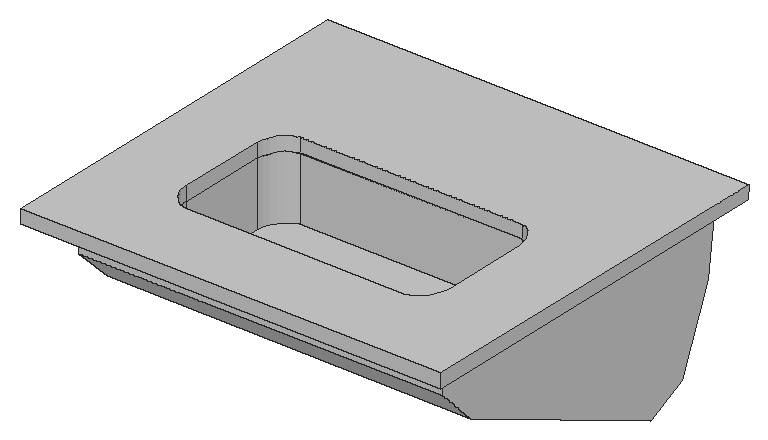
Revit family "Lighting-Steplight-Lucifer-SSL1", category Lighting Fixtures, host Face, Revit 2016
Family settings
  Host = Face
  Part Type = Normal
  Round Connector Dimension = Use Diameter
  Cut with Voids When Loaded = No
  Light Source = Yes
  Shared = No
  Room Calculation Point = No
Parameters
  Wattage = 9.2903 W
  built-in parameter 1150110 = 1 (stored number, unit not read)
  Voltage = 0 V
  URL = "http://www.luciferlighting.com/"
  built-in parameter 1114217 = 1 (stored number, unit not read)
  Tilt Angle = -90.00°
  built-in parameter 1150109 = 1 (stored number, unit not read)
  built-in parameter 1150134 = 3
  built-in parameter 1150113 = 1 (stored number, unit not read)
  Power Factor = 1
  Photometric Web File = "Load File"
  Number of Poles = 1
  built-in parameter 1150142 = (empty or 0)
  Model = "SSL1"
  Manufacturer = "Lucifer Lighting"
  built-in parameter 1150105 = 109.82 (stored number, unit not read)
  Lumens = 1380 lm
  built-in parameter 1150115 = 1 (stored number, unit not read)
  built-in parameter 1150137 = (empty or 0)
  built-in parameter 1150139 = (empty or 0)
  built-in parameter 1150112 = 1 (stored number, unit not read)
  built-in parameter 1150114 = 1 (stored number, unit not read)
  Lamp = "LED"
  built-in parameter 1150132 = (empty or 0)
  built-in parameter 1150102 = (empty or 0)
  built-in parameter 1150107 = 3200 (stored number, unit not read)
  built-in parameter 1150138 = (empty or 0)
  built-in parameter 1150106 = 1.0982 (stored number, unit not read)
  Width = 0' - 3"
  Length = 0' - 3"
  Emit from Rectangle Width = 0' - 0 241/256"
  Emit from Rectangle Length = 0' - 1 77/128"
  Emit Shape Visible in Rendering = no
  built-in parameter 1150104 = 13.8 (stored number, unit not read)
  Dimming Lamp Color Temperature Shift = <None>
  Description = "Steplight"
  Default Elevation = 4' - 0"
  Color Filter = 16777215
  built-in parameter 1114218 = 1 (stored number, unit not read)
  built-in parameter 1150133 = 10 (stored number, unit not read)
  Apparent Load = 0 VA
Reference planes (in)
  plane 1 "Center (Front/Back)": y = 0
  plane 2: z = 0
  plane 3 "Center (Left/Right)": x = 0
  plane 4: x = 1.5
  plane 5: x = -1.5
  plane 6: z = 3.18569
Forms (in)
  Extrusion 1, solid, material "Silver"
    sketch origin (0, -1.08605, 0.09386) x (0, 0, -1) y (0, 1, 0)
      loop
        line (0, 2.75) -> (0, 0) -> (0.10065, 0) -> (0.10065, 2.75) -> (0, 2.75)
    from -1.5 to 1.5
  Extrusion 2, solid, material "Silver"
    sketch origin (0, -1.08605, 0.09386) x (0, 0, -1) y (0, 1, 0)
      loop
        line (0.10065, 2.70131) -> (0.10065, 0.26066) -> (0.32833, 0.26066) -> (0.58112, 0.51346) -> (1.29978, 2.1148) -> (1.1681, 2.39718) -> (0.62533, 2.62757) -> (0.10065, 2.70131)
    from -1.2875 to 1.3099
  Extrusion 3, void
    sketch origin (0, -1.08605, 0.09386) x (1, 0, 0) y (0, 1, 0)
      loop
        arc (-0.79233, 1.61459) -> (-0.89707, 1.53618) -> (-0.93928, 1.41234) r 0.22149
        line (-0.93928, 1.41234) -> (-0.93928, 0.77319)
        arc (-0.93928, 0.77319) -> (-0.89707, 0.64935) -> (-0.79233, 0.57094) r 0.22149
        line (-0.79233, 0.57094) -> (0.79233, 0.57094)
        arc (0.79233, 0.57094) -> (0.89707, 0.64935) -> (0.93928, 0.77319) r 0.22149
        line (0.93928, 0.77319) -> (0.93928, 1.41234)
        arc (0.93928, 1.41234) -> (0.89707, 1.53618) -> (0.79233, 1.61459) r 0.22149
        line (0.79233, 1.61459) -> (-0.79233, 1.61459)
    from -0.55842 to 0
Cuts and joins
  Extrusion 3 cuts Extrusion 1
  Extrusion 3 cuts Extrusion 2
Dimensions and locks (in)
  equal spacing: plane 5, plane 3 "Center (Left/Right)", plane 4
  "Length": plane 5 to plane 4
  aligned and locked: plane 2 to host face
  aligned and locked: level to host face
Automatic sketch dimensions
  host sketch curve to host sketch curve = 8' - 0"  (x2)
  level to Extrusion 1 sketch curve = 0' - 0.09386"
  Extrusion 1 sketch curve to Extrusion 1 sketch curve = 0' - 0.10065"
  plane 1 "Center (Front/Back)" to Extrusion 1 sketch curve = 0' - 1.08605"
  Extrusion 1 sketch curve to plane 1 "Center (Front/Back)" = 0' - 1.66395"
  Extrusion 2 sketch curve to level = 0' - 0.00679"
  Extrusion 2 sketch curve to Extrusion 2 sketch curve = 0' - 0.22768"
  Extrusion 2 sketch curve to level = 0' - 0.48726"
  Extrusion 2 sketch curve to level = 0' - 0.53147"
  Extrusion 2 sketch curve to level = 0' - 1.07424"
  Extrusion 2 sketch curve to Extrusion 2 sketch curve = 0' - 0.13168"
  plane 1 "Center (Front/Back)" to Extrusion 2 sketch curve = 0' - 0.82538"
  plane 1 "Center (Front/Back)" to Extrusion 2 sketch curve = 0' - 0.57259"
  Extrusion 2 sketch curve to plane 1 "Center (Front/Back)" = 0' - 1.02875"
  Extrusion 2 sketch curve to Extrusion 2 sketch curve = 0' - 0.28238"
  Extrusion 2 sketch curve to Extrusion 2 sketch curve = 0' - 0.23039"
  Extrusion 2 sketch curve to Extrusion 2 sketch curve = 0' - 0.07374"
  plane 1 "Center (Front/Back)" to Extrusion 3 sketch curve = 0' - 0.31285"
  plane 5 to Extrusion 3 sketch curve = 0' - 0.56072"
  Extrusion 3 sketch curve to Extrusion 3 sketch curve = 0' - 0.14695"  (x2)
  Extrusion 3 sketch curve to Extrusion 3 sketch curve = 0' - 0.07445"  (x4)
  plane 1 "Center (Front/Back)" to Extrusion 3 sketch curve = 0' - 0.30651"
  plane 3 "Center (Left/Right)" to Extrusion 3 sketch curve = 0' - 0.71788"
  Extrusion 3 sketch curve to Extrusion 3 sketch curve = 0' - 0"
  Extrusion 3 sketch curve to Extrusion 3 sketch curve = 0' - 0.2214"
  Extrusion 3 sketch curve to Extrusion 3 sketch curve = 0' - 0.2086"
  Extrusion 3 sketch curve to plane 1 "Center (Front/Back)" = 0' - 0.31994"  (x2)
  Extrusion 3 sketch curve to Extrusion 3 sketch curve = 0' - 0.00635"
Connectors (in)
  electrical at (1.3099, 0.46762, -0.50671), driven by "Number of Poles", driven by "Voltage", driven by "Apparent Load", driven by "Power Factor"
    settings: on cut or joined group of Extrusion 2, Extrusion 3, index 1, voltage 0 V, apparent load 0 VA, apparent load phase1 0 VA, apparent load phase2 0 VA, apparent load phase3 0 VA, power factor 1, load classification "Other", number of poles 1, system type 31, power factor state 1, is connector primary yes, connector utility no, sub classification motor no, connector description ""
